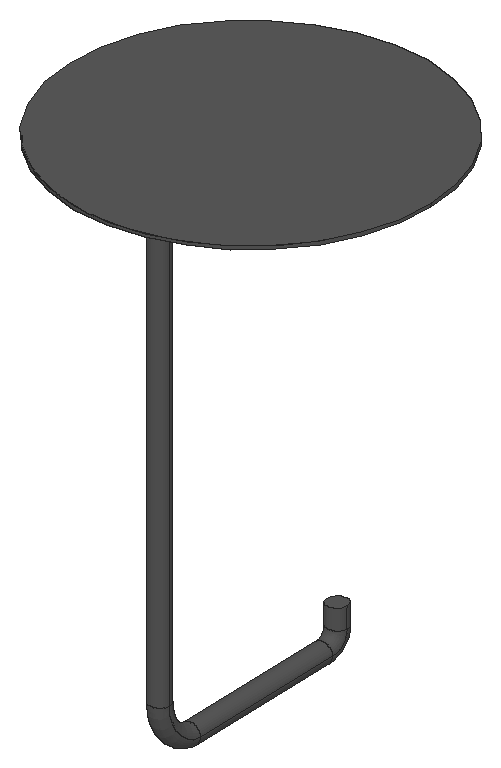
Revit family "revitupgrade", category Furniture, Revit 2025
Family settings
  OmniClass Number = 23.40.70.14.64.11
  OmniClass Title = Office Furniture
  Work Plane-Based = No
  Enable Cutting in Views = No
  Always vertical = Yes
  Cut with Voids When Loaded = No
  Render Appearance Source = Family Geometry
  Shared = No
  Room Calculation Point = No
Parameters (values of type "Right Side Table")
  URL = "https://www.steelcase.com/asia-en/wendelbo/"
  Style Number(s) = "WBOCASEMT"
  Right Side = yes
  Release Date = "January 2022"
  Manufacturer = "Wendelbo"  # constant formula
  Table Finish = Wedelbo - Metal - Black Powder Coated
  Left Side = no
  Description = "A collection of highback sofas that breathe a sense of calmness, concentration and comfort into everyday life in the workplace and in hospitality contexts."
  Default Elevation = 0.00 mm
  Copyright = "© 2010 Steelcase Inc."  # constant formula
  Assembly Code = "E2020200"
Types (2, lengths in mm): name | Right Side | Left Side
  Right Side Table | yes | no
  Left Side Table | no | yes
Reference planes
  plane 1 "Center Front/Back": y = 0
  plane 2 "Bottom": z = 0
  plane 3 "Center Left/Right": x = 0
Forms (mm)
  Sweep 1, solid, material "Wedelbo - Metal - Black Powder Coated" <- "Table Finish", visible <- "Right Side"
    path origin (335.938, 0, 0) x (0, 1, 0) y (0, 0, 1)
      loop
        line (196.748, 285.644) -> (196.748, 265.644)
        arc (196.748, 265.644) -> (191.126, 252.904) -> (177.925, 248.469) r 17.247
        line (177.925, 248.469) -> (12.925, 248.469)
        arc (12.925, 248.469) -> (-14.206, 264.315) -> (-24.904, 293.859) r 46.145
        line (-24.904, 293.859) -> (-24.904, 755.454)
    profile origin (335.938, 196.748, 275.644) x (1, 0, 0) y (0, 1, 0)
      loop
        circle (0, 0) r 10
  Extrusion 2, solid, material "Wedelbo - Metal - Black Powder Coated" <- "Table Finish", visible <- "Right Side"
    sketch origin (0, 0, 0) x (1, 0, 0) y (0, 1, 0)
      loop
        circle (342.043, 81.419) r 180
    from 754.981 to 758.193
  Sweep 3, solid, material "Wedelbo - Metal - Black Powder Coated" <- "Table Finish", visible <- "Left Side"
    path origin (-335.937, 0, 0) x (0, 1, 0) y (0, 0, -1)
      loop
        line (196.748, -285.644) -> (196.748, -265.644)
        arc (196.748, -265.644) -> (191.126, -252.904) -> (177.925, -248.469) r 17.247
        line (177.925, -248.469) -> (12.925, -248.469)
        arc (12.925, -248.469) -> (-14.206, -264.315) -> (-24.904, -293.859) r 46.145
        line (-24.904, -293.859) -> (-24.904, -755.454)
    profile origin (-335.937, 196.748, 275.644) x (-1, 0, 0) y (0, -1, 0)
      loop
        circle (0, 0) r 10
  Extrusion 4, solid, material "Wedelbo - Metal - Black Powder Coated" <- "Table Finish", visible <- "Left Side"
    sketch origin (0, 0, 0) x (-1, 0, 0) y (0, -1, 0)
      loop
        circle (342.043, -81.419) r 180
    from 754.981 to 758.193
Cuts and joins
  joined: Sweep 3, Extrusion 4
  joined: Sweep 1, Extrusion 2
Lines and regions (mm)
  Masking region 1, visible <- "Left Side"
    outline origin (0, 0, 0) x (1, 0, 0) y (0, 1, 0)
      loop
        circle (-342.043, 81.419) r 180
  Masking region 2, visible <- "Right Side"
    outline origin (0, 0, 0) x (1, 0, 0) y (0, 1, 0)
      loop
        circle (342.043, 81.419) r 180
Dimensions and locks
  aligned and locked: level to plane 2 "Bottom"
